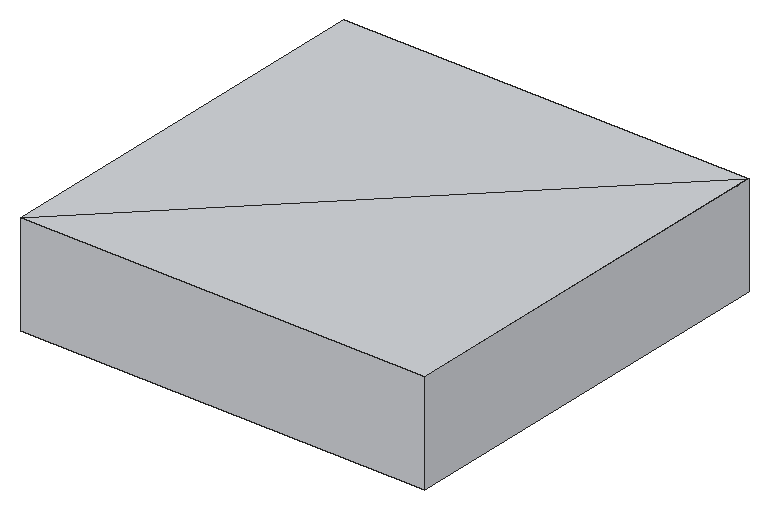
Revit family "電線管用ファミリ(片側のみ)_19", category Electrical Fixtures, Revit 2022
Family settings
  Round Connector Dimension = Use Diameter
  Part Type = Normal
  OmniClass Number = 23.80.00.00
  OmniClass Title = Electric Power and Lighting
  Work Plane-Based = No
  Always vertical = Yes
  Cut with Voids When Loaded = No
  Maintain Annotation Orientation = Yes
  Shared = No
  Room Calculation Point = No
Parameters
  コネクタ直径 [instance] = 16 mm
  W [instance] = 200 mm
  Default Elevation = 0 mm
  D [instance] = 200 mm
Reference planes
  plane 1 "Center (Front/Back)": y = 0
  plane 2: z = 0
  plane 3 "Center (Left/Right)": x = 0
  plane 4: x = -100
  plane 5: x = 100
  plane 6: y = 100
  plane 7: y = -100
  plane 8: z = 50
Forms (mm)
  Extrusion 1, solid
    sketch origin (0, 0, 0) x (1, 0, 0) y (0, 1, 0)
      loop
        line (-100, 100) -> (-100, -100) -> (100, -100) -> (100, 100) -> (-100, 100)
    from 0 to 50
  Extrusion 2, solid
    sketch origin (0, 0, 0) x (1, 0, 0) y (0, 1, 0)
      loop
        line (100, 100) -> (-100, -100) -> (100, -100) -> (100, 100)
    from 0 to 50
Dimensions and locks
  equal spacing: plane 4, plane 3 "Center (Left/Right)", plane 5
  "W": plane 4 to plane 5
  equal spacing: plane 6, plane 1 "Center (Front/Back)", plane 7
  "D": plane 6 to plane 7
  aligned and locked: level to plane 2
  aligned and locked: Extrusion 1 sketch curve to plane 6
  aligned and locked: plane 4 to Extrusion 1 sketch curve
  aligned and locked: plane 7 to Extrusion 1 sketch curve
  aligned and locked: Extrusion 1 sketch curve to plane 5
  aligned and locked: plane 8 to Extrusion 1
  aligned and locked: plane 8 to Extrusion 2
Automatic sketch dimensions
  Extrusion 2 sketch curve to plane 4 = 0 mm
  Extrusion 2 sketch curve to plane 5 = 0 mm
  Extrusion 2 sketch curve to plane 7 = 0 mm
  Extrusion 2 sketch curve to plane 6 = 0 mm
Connectors
  cabletrayconduit at (0, 0, 50), diameter 16
    settings: on Extrusion 1, index 1, connector width 300 mm, connector height 300 mm, connector angle 0.00°, system type 32, placement type 0, profile type 0, connector reference index -1, is primary connector yes, connector utility param no, connector description ""
